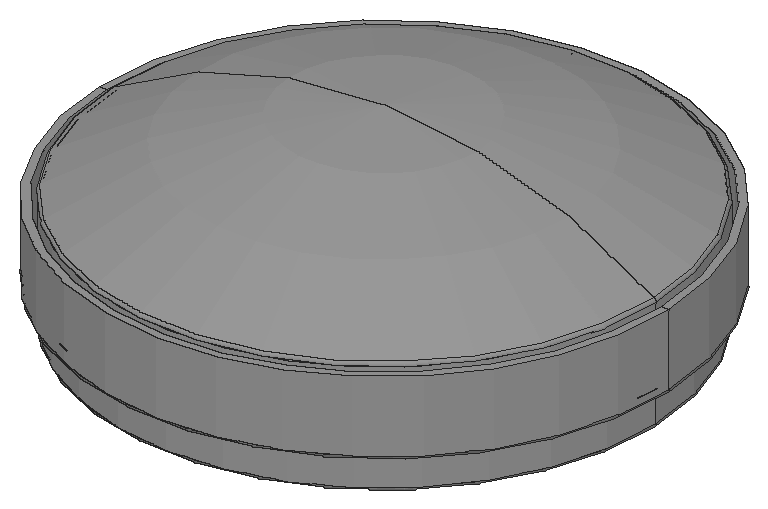
Revit family "3034785 Sylvania Lighting Fixture GIOTTO305 LED G2 3000K SURFACE EMERGENCY", category Lighting Fixtures, host Face, Revit 2016
Family settings
  Host = Face
  Part Type = Normal
  Round Connector Dimension = Use Diameter
  OmniClass Number = 23.80.70.00
  OmniClass Title = Lighting
  Cut with Voids When Loaded = No
  Light Source = Yes
  Shared = No
  Room Calculation Point = No
Parameters (values of type "3034785 GIOTTO305 LED G2 3000K SURFACE EMERGENCY Emergency mode")
  Weight = "1.41 kg"
  Wattage Comments = ""
  Wattage = 20 W
  WarrantyStartDate [instance] = "n/a"
  WarrantyGuarantorParts = "n/a"
  WarrantyDurationUnit = "n/a"
  WarrantyDurationParts = "n/a"
  WarrantyDescription = "n/a"
  built-in parameter 1150110 = 1 (stored number, unit not read)
  Voltage = 0 V
  URL = "http://www.sylvania-lighting.com"
  TypeName = "GIOTTO305 LED G2 3000K SURFACE EMERGENCY Emergency mode"
  Type Image = <None>
  Type Comments = "n/a"
  built-in parameter 1114217 = 1 (stored number, unit not read)
  Tilt Angle = -90.00°
  built-in parameter 1150109 = 1 (stored number, unit not read)
  built-in parameter 1150134 = (empty or 0)
  built-in parameter 1150113 = 1 (stored number, unit not read)
  SerialNumber [instance] = "n/a"
  Photometric Web File = ""
  built-in parameter 1150142 = (empty or 0)
  Material_3_SYL = LED-Sylvania
  PowerFactor = 0
  PowerConsumption = "20 W"
  NominalLength = 305 mm
  NominalHeight = 104 mm
  NominalDepth = 305 mm
  Name = "GIOTTO305 LED G2 3000K SURFACE EMERGENCY Emergency mode"
  ModelReference = Name  # "GIOTTO305 LED G2 3000K SURFACE EMERGENCY Emergency mode"
  ModelNumber = "3034785"
  Model = Name  # "GIOTTO305 LED G2 3000K SURFACE EMERGENCY Emergency mode"
  Material = "polycarbonate housing, polycarbonate diffuser"
  ManufacturerName = "Feilo Sylvania"
  Manufacturer = "Feilo Sylvania"
  LuminousEfficacy = ""
  built-in parameter 1150105 = (empty or 0)
  Lumens = 0 lm
  LuminaireType = ""
  built-in parameter 1150115 = 1 (stored number, unit not read)
  LightOutputRatio = "n/a"
  built-in parameter 1150137 = (empty or 0)
  built-in parameter 1150139 = (empty or 0)
  LampsType = Lamp  # "LED"
  LampNominalLuminous = ""
  LampMacAdamStep = "n/a"
  LampColourTemperature = "3000 K"
  LampColourRenderingIndex = "80"
  built-in parameter 1150112 = 1 (stored number, unit not read)
  built-in parameter 1150114 = 1 (stored number, unit not read)
  Lamp = "LED"
  Keynote = "16500"
  InstallationDate [instance] = "n/a"
  InputVoltage = "n/a"
  InputNominalFrequency = "n/a"
  built-in parameter 1150132 = (empty or 0)
  built-in parameter 1150102 = (empty or 0)
  built-in parameter 1150107 = 3000 (stored number, unit not read)
  built-in parameter 1150138 = (empty or 0)
  IngressProtection = "IP44"
  ImpactProtectionIndex = "IK10"
  built-in parameter 1150106 = 6.8538 (stored number, unit not read)
  IfcExportType = "IfcLightFixtureType"
  IfcExportAs = "IfcLightFixtureType"
  Height_SYL = 104 mm
  ExpectedLife = 50000
  Emit from Circle Diameter = 317 mm
  Emit Shape Visible in Rendering = no
  ElectricShockClassification = "Class I"
  built-in parameter 1150104 = (empty or 0)
  DurationUnit = "hours"
  DocumentationLiterature = "http://www.sylvania-lighting.com/product/en-int/products/3034785"
  DimmingControlOptions = "n/a"
  Material_2_SYL = Polycarbonate_Sylvania_Giotto_Opal
  Dimming Lamp Color Temperature Shift = <None>
  DiffuserRadius_SYL = 282.611 mm
  Diameter_SYL = 305 mm
  Description = "Ambient and decorative round, surface mounted LED bulkhead luminaire. White robust polycarbonate body with opal diffuser, 1490 lm, 20W, 75lm/W, 3000K, CRI 80, non-dimmable, integral 3 hour maintained emergency, 50,000 hours lumen maintenance. Drive current: 700mA, IP44, IK10, Class I, 220-240V, Energy class: A++, A+, A."
  Default Elevation = 1219.2 mm
  CreatedOn = "11/7/2018"
  CreatedBy = "@sylvania-lighting.com"
  Cost = 0
  Color Filter = 16777215
  built-in parameter 1114216 [instance] = (empty or 0)
  ClassificationValue = "EF_70_80"
  ClassificationName = "Uniclass2015"
  Material_1_SYL = Polycarbonate_Sylvania_Giotto_White
  BarCode [instance] = "n/a"
  built-in parameter 1114218 = 1 (stored number, unit not read)
  built-in parameter 1150133 = 10 (stored number, unit not read)
  AssetType = "Fixed"
  AssetIdentifier [instance] = "n/a"
  Assembly Code = "D5020200"
  Apparent Load = 20 VA
  Material_4_SYL = none
Types (2, lengths in mm): name | TypeName | Photometric Web File | built-in parameter 1150142 | Name | ModelReference | Model | LuminousEfficacy | built-in parameter 1150105 | Lumens | LampNominalLuminous | built-in parameter 1150106 | built-in parameter 1150104
  3034785 GIOTTO305 LED G2 3000K SURFACE EMERGENCY Emergency mode | "GIOTTO305 LED G2 3000K SURFACE EMERGENCY Emergency mode" | "" | (empty or 0) | "GIOTTO305 LED G2 3000K SURFACE EMERGENCY Emergency mode" | "GIOTTO305 LED G2 3000K SURFACE EMERGENCY Emergency mode" | "GIOTTO305 LED G2 3000K SURFACE EMERGENCY Emergency mode" | "" | (empty or 0) | 0 lm | "" | 6.8538 (stored number, unit not read) | (empty or 0)
  3034785 GIOTTO305 LED G2 3000K SURFACE EMERGENCY | "GIOTTO305 LED G2 3000K SURFACE EMERGENCY" | "3034785.ies" | "IESNA:LM-63-2002\r\n[TEST] \r\n[TESTLAB]\r\n[MANUFAC] \r\n[LUMCAT]\r\n[LUMINAIRE] \"GIOTTO305 SUR LED WW EB E3 G2 \" /3000 \r\n[LAMP] LED/3000\r\n[BALLAST] \r\n[ISSUEDATE]\r\n[OTHER] B-Angle = 0.00 B-Tilt = 0.00 2018-01-23\r\nTILT=NONE\r\n1 1490.00 1 37 1 1 2 -0.305 -0.305 0.000\r\n1.0 1.0 20.00\r\n   0.00   5.00  10.00  15.00  20.00  25.00  30.00  35.00  40.00  45.00\r\n  50.00  55.00  60.00  65.00  70.00  75.00  80.00  85.00  90.00  95.00\r\n 100.00 105.00 110.00 115.00 120.00 125.00 130.00 135.00 140.00 145.00\r\n 150.00 155.00 160.00 165.00 170.00 175.00 180.00\r\n   0.00\r\n     450.98     449.61     444.90     436.23     423.17     406.76     386.85\r\n     363.84     337.78     309.55     278.93     246.74     214.05     181.24\r\n     149.85     120.38      93.74      70.42      50.42      34.12      21.46\r\n      12.35       6.33       3.28       2.13       1.74       1.58       1.45\r\n       1.40       1.67       2.91       4.99       6.99       8.20       8.78\r\n       9.52      10.09\r\n" | "GIOTTO305 LED G2 3000K SURFACE EMERGENCY" | "GIOTTO305 LED G2 3000K SURFACE EMERGENCY" | "GIOTTO305 LED G2 3000K SURFACE EMERGENCY" | "75 lm/W" | 119.37 (stored number, unit not read) | 1500 lm | "1490 lm" | 1.1937 (stored number, unit not read) | 6.9677 (stored number, unit not read)
Reference planes
  plane 1 "Center (Front/Back)": y = 0
  plane 2: z = 0
  plane 3 "Center (Left/Right)": x = 0
  plane 4: x = 152.5
  plane 5: x = -152.5
  plane 6: x = -145.5
  plane 7: x = -148.5
  plane 8: z = 104
  plane 9: z = 59
  plane 10: z = 19
  plane 11: z = 24
  plane 12: x = -150.9
  plane 13: z = 20.6
  plane 14: z = 1.6
  plane 15: x = -143.9
  plane 16: z = 18
  plane 17: x = -146.5
  plane 18: z = 25
  plane 19: z = 61
Forms (mm)
  Revolve 1, solid, material "Polycarbonate_Sylvania_Giotto_White" <- "Material_1_SYL"
    sketch origin (0, 0, 0) x (1, 0, 0) y (0, 0, 1)
      loop
        line (0, 0) -> (0, 25) -> (-143.9, 25) -> (-143.9, 24) -> (-148.5, 24) -> (-148.5, 59) -> (-152.5, 59) -> (-152.5, 20.6)
        arc (-152.5, 20.6) -> (-152.031, 19.469) -> (-150.9, 19) r 1.6
        line (-150.9, 19) -> (-146.5, 19)
        arc (-146.5, 19) -> (-145.793, 18.707) -> (-145.5, 18) r 1
        line (-145.5, 18) -> (-145.5, 1.6)
        arc (-145.5, 1.6) -> (-145.031, 0.469) -> (-143.9, 0) r 1.6
        line (-143.9, 0) -> (0, 0)
      axis (0, 59) -> (0, 0)
    angle from 360 to 0
  Revolve 2, solid, material "Polycarbonate_Sylvania_Giotto_Opal" <- "Material_2_SYL"
    sketch origin (0, 0, 0) x (1, 0, 0) y (0, 0, 1)
      loop
        line (-145.5, 24) -> (-143.9, 24) -> (-143.9, 59.636)
        arc (-143.9, 59.636) -> (-143.79, 60.068) -> (-143.485, 60.394) r 0.9
        arc (-143.485, 60.394) -> (-74.754, 91.683) -> (0, 102.4) r 266.066
        line (0, 102.4) -> (0, 104)
        arc (0, 104) -> (-75.203, 93.218) -> (-144.348, 61.742) r 267.666
        arc (-144.348, 61.742) -> (-145.193, 60.836) -> (-145.5, 59.636) r 2.5
        line (-145.5, 59.636) -> (-145.5, 24)
      axis (0, 104) -> (0, 24)
    angle from 360 to 0
Dimensions and locks
  equal spacing: plane 4, plane 3 "Center (Left/Right)", plane 5
  "Diameter_SYL": plane 4 to plane 5
  locked: plane 6 to plane 5 at 7
  locked: plane 7 to plane 5 at 4
  "Height_SYL": plane 8 to plane 2
  locked: plane 8 to plane 9 at 45
  locked: plane 9 to plane 10 at 40
  Revolve 1 sketch curve to Revolve 1 sketch curve = 4.4 mm
  locked: plane 11 to plane 10 at 5
  locked: plane 12 to plane 5 at 1.6
  locked: plane 13 to plane 10 at 1.6
  locked: plane 14 to plane 2 at 1.6
  locked: plane 15 to plane 6 at 1.6
  locked: plane 6 to plane 17 at 1
  locked: plane 10 to plane 16 at 1
  locked: plane 18 to plane 11 at 1
  locked: plane 19 to plane 9 at 2
  aligned and locked: plane 2 to host face
  aligned and locked: level to host face
  aligned and locked: Revolve 1 sketch curve to plane 3 "Center (Left/Right)"
  aligned and locked: level to Revolve 1 sketch curve
  aligned and locked: Revolve 1 sketch curve to plane 10
  aligned and locked: plane 9 to Revolve 1 sketch curve
  aligned and locked: Revolve 1 sketch curve to plane 7
  aligned and locked: plane 12 to Revolve 1 sketch curve  (x2)
  aligned and locked: plane 13 to Revolve 1 sketch curve  (x2)
  aligned and locked: plane 15 to Revolve 1 sketch curve  (x3)
  aligned and locked: plane 14 to Revolve 1 sketch curve  (x2)
  aligned and locked: plane 3 "Center (Left/Right)" to imposter light
  aligned and locked: imposter light to plane 1 "Center (Front/Back)"
  aligned and locked: plane 18 to Revolve 1 sketch curve
  aligned and locked: plane 11 to Revolve 1 sketch curve
  aligned and locked: imposter light to plane 8
  aligned and locked: plane 6 to Revolve 1 sketch curve
  aligned and locked: plane 17 to Revolve 1 sketch curve
  aligned and locked: plane 16 to Revolve 1 sketch curve
  aligned and locked: Revolve 2 sketch curve to plane 3 "Center (Left/Right)"
  aligned and locked: plane 6 to Revolve 2 sketch curve
  aligned and locked: plane 3 "Center (Left/Right)" to Revolve 2 sketch curve
  aligned and locked: plane 11 to Revolve 2 sketch curve
  aligned and locked: Revolve 2 sketch curve to imposter light
Automatic sketch dimensions
  host sketch curve to host sketch curve = 2438.4 mm  (x2)
  Revolve 1 sketch curve to plane 3 "Center (Left/Right)" = 0 mm
  Revolve 1 sketch curve to level = 609.6 mm
  Revolve 1 sketch curve to plane 8 = 2499.058 mm
  Revolve 2 sketch curve to Revolve 2 sketch curve = 0 mm  (x4)
  Revolve 2 sketch curve to plane 15 = 0 mm
  Revolve 2 sketch curve to plane 8 = 0 mm
  plane 15 to Revolve 2 sketch curve = 0.9 mm
  Revolve 2 sketch curve to level = 163.666 mm
  Revolve 2 sketch curve to plane 9 = 0.636 mm
  Revolve 2 sketch curve to Revolve 2 sketch curve = 445.934 mm
  Revolve 2 sketch curve to plane 8 = 2505.058 mm
Connectors
  electrical at (0, 0, 0), driven by "Apparent Load", driven by "PowerFactor", driven by "Voltage"
    settings: index 1, voltage 0 V, apparent load 20 VA, apparent load phase1 0 VA, apparent load phase2 0 VA, apparent load phase3 0 VA, power factor 0, load classification "Lighting", number of poles 1, system type 30, power factor state 1, is connector primary yes, connector utility no, sub classification motor no, connector description ""
